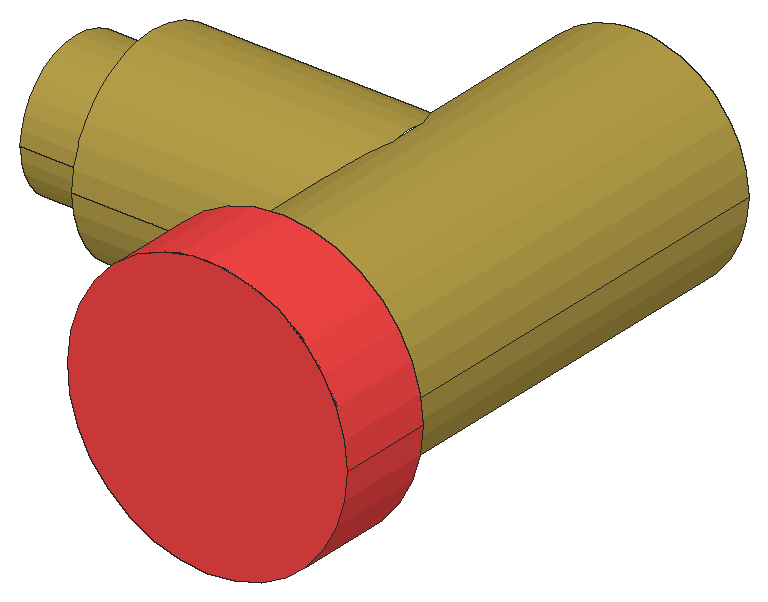
Revit family "Угловой термостатический вентиль «Standart Vario M»", category Арматура трубопроводов, Revit 2020
Family settings
  Размер круглого соединителя = Использовать диаметр
  Тип детали = Клапан - Вставляется
  Номер OmniClass = 23.65.55.14.21
  Заголовок OmniClass = Non-Return Valves for Liquid Services
  На основе рабочей плоскости = Нет
  Всегда вертикально = Нет
  При загрузке вырезать с полостями = Нет
  Общий = Да
Parameters (values of type "Dn15")
  Отметка по умолчанию = 0 mm
  Материал клапана = Латунь
  K Coefficient = 1.58
  Толщина крышки = 0.15 * Длина корпуса  # 12.3 mm
  Высота крышки = 36 mm
  Диаметр крышки = 39 mm
  Длина корпуса = 82 mm
  Диаметр корпуса = 0.6 * Диаметр адаптера  # 10.8 mm
  Длина адаптера = 0.1 * Длина корпуса  # 8.2 mm
  Диаметр адаптера = 1.2 * WSR_D1  # 18 mm
  WSR_D1 = 15 mm
  URL = "https://www.weser.ru/about/documentation/"
  Kvs [instance] = 0.0 m³/h
  ADSK_Позиция = ""
  ADSK_Наименование краткое = "Термостатический вентиль"  # constant formula
  ADSK_Наименование [instance] = "Угловой термостатический вентиль «Standart Vario M»  Dn15"
  ADSK_Масса_Текст = ""
  ADSK_Код изделия [instance] = "820120.100"
  ADSK_Завод-изготовитель [instance] = "Weser"  # constant formula
  ADSK_Единица измерения [instance] = "шт."  # constant formula
  ADSK_Группирование [instance] = ""
Types (2, lengths in mm): name | K Coefficient | Диаметр корпуса | Диаметр адаптера | WSR_D1 | ADSK_Наименование | ADSK_Код изделия
  Dn15 | 1.58 | 10.8 | 18 | 15 | "Угловой термостатический вентиль «Standart Vario M»  Dn15" | "820120.100"
  Dn20 | 1.6 | 14.4 | 24 | 20 | "Угловой термостатический вентиль «Standart Vario M» Dn20" | "820130.100"
Reference planes
  plane 1 "По центру (Вперед/Назад)": y = 0
  plane 2: z = 0
  plane 3 "По центру (Влево/Вправо)": x = 0
  plane 4: x = -41
  plane 5: x = 41
  plane 6: x = -32.8
  plane 7: z = 23.7
  plane 8: z = 36
  plane 9: z = -10.8
  plane 10: z = -16.8
  plane 11: x = -3.6
  plane 12: x = -10.8
  plane 13: y = 23.671
  plane 14: y = -23.671
Forms (mm)
  Extrusion 1, solid, material "Латунь" <- "Материал клапана", detail levels fine
    sketch origin (0, 0, 0) x (0, 1, 0) y (0, 0, 1)
      loop
        circle (0, 0) r 10.8
    from -32.8 to 0
  Extrusion 2, solid, material "Латунь" <- "Материал клапана", detail levels fine
    sketch origin (0, 0, 0) x (1, 0, 0) y (0, 0, 1)
      loop
        circle (0, 0) r 11.951
    from -23.739 to 23.671
  Extrusion 3, solid, material "Латунь" <- "Материал клапана", detail levels fine
    sketch origin (-41, 552.765, 1219.2) x (0, 1, 0) y (0, 0, 1)
      loop
        circle (-552.765, -1219.2) r 7.5
    from 0 to 8.2
  Extrusion 4, solid, material "Пластик Красный", detail levels fine
    sketch origin (-152.652, -23.671, 1219.2) x (-1, 0, 0) y (0, 0, 1)
      loop
        circle (-152.652, -1219.2) r 15
    from 0 to -10
Cuts and joins
  joined: Extrusion 1, Extrusion 2, Extrusion 3
Dimensions and locks
  equal spacing: plane 4, plane 3 "По центру (Влево/Вправо)", plane 5
  "Длина корпуса": plane 4 to plane 5
  "Длина адаптера": plane 4 to plane 6
  "Толщина крышки": plane 8 to plane 7
  "Высота крышки": plane 8 to plane 2
  locked: plane 2 to plane 9 at 10.8
  locked: plane 9 to plane 10 at 6
  locked: plane 3 "По центру (Влево/Вправо)" to plane 11 at 3.6
  locked: plane 3 "По центру (Влево/Вправо)" to plane 12 at 10.8
  locked: plane 13 to plane 1 "По центру (Вперед/Назад)" at 23.671
  locked: plane 1 "По центру (Вперед/Назад)" to plane 14 at 23.671
  locked: Extrusion 1 sketch curve to Extrusion 1 sketch curve (radius 10.8 mm)
  "WSR_D1": diameter of Extrusion 3 sketch curve
  aligned and locked: plane 2 to Extrusion 1 sketch curve
  aligned and locked: plane 1 "По центру (Вперед/Назад)" to Extrusion 1 sketch curve
  aligned and locked: Extrusion 1 to plane 6
  aligned and locked: plane 3 "По центру (Влево/Вправо)" to Extrusion 2 sketch curve
  aligned and locked: cut or joined group of Extrusion 1, Extrusion 2, Extrusion 3 to plane 14
  aligned and locked: plane 6 to Extrusion 3
  aligned and locked: Extrusion 3 to plane 4
  aligned and locked: nested 1 to plane 3 "По центру (Влево/Вправо)"
  aligned and locked: plane 1 "По центру (Вперед/Назад)" to nested 1
Automatic sketch dimensions
  Extrusion 2 sketch curve to level = 0 mm
  Extrusion 3 sketch curve to level = 0 mm
  Extrusion 3 sketch curve to plane 1 "По центру (Вперед/Назад)" = 0 mm
  Extrusion 4 sketch curve to level = 0 mm
  Extrusion 4 sketch curve to plane 3 "По центру (Влево/Вправо)" = 0 mm
  radius of Extrusion 2 sketch curve = 11.951 mm
  radius of Extrusion 4 sketch curve = 15 mm
Nested families
  nested 1: "УГО Клапан регулирующий угловой" at (0, 0, 0), type "УГО Клапан регулирующий проходной"
    with УГО в разрезе no, УГО в плане yes, L1 15.916 mm, L 111.41 mm, H 31.215 mm, D 31.215 mm, ADSK_Позиция "", ADSK_Обозначение "", ADSK_Наименование "", ADSK_Код изделия ""
Connectors
  piping at (-32.8, 0, 0), diameter 15, driven by "WSR_D1"
    settings: on cut or joined group of Extrusion 1, Extrusion 2, Extrusion 3, index 1, connector inside diameter 609.6 mm, connector length 0 mm, flow factor 0, pipe flow 0.0 m³/h, pressure drop 0.0 Pa, fitting loss kfactor 0, connector angle 0.00°, fixture units 0, engagement length 0 mm, angle of deflection 0.00°, flow configuration 0, flow direction 0, fitting loss method 0, system type 29, joint type 0, gender type 0, connector reference index 2, connector utility 0, adjustable connector no, is connector primary yes, connector description ""
  piping at (0, 23.739, 0), diameter 15, driven by "WSR_D1"
    settings: on cut or joined group of Extrusion 1, Extrusion 2, Extrusion 3, index 2, connector inside diameter 609.6 mm, connector length 0 mm, flow factor 0, pipe flow 0.0 m³/h, pressure drop 0.0 Pa, fitting loss kfactor 0, connector angle 90.00°, fixture units 0, engagement length 0 mm, angle of deflection 0.00°, flow configuration 0, flow direction 0, fitting loss method 0, system type 29, joint type 0, gender type 0, connector reference index 1, connector utility 0, adjustable connector no, is connector primary no, connector description ""
  piping at (0, -23.671, 0), diameter 30
    settings: on Extrusion 4, index 3, connector inside diameter 609.6 mm, connector length 0 mm, flow factor 0, pipe flow 0.0 m³/h, pressure drop 0.0 Pa, fitting loss kfactor 0, connector angle 0.00°, fixture units 0, engagement length 0 mm, angle of deflection 0.00°, flow configuration 0, flow direction 0, fitting loss method 0, system type 28, joint type 0, gender type 0, connector reference index -1, connector utility 0, adjustable connector no, is connector primary no, connector description ""
Definition of nested family "УГО Клапан регулирующий угловой"
  Parameters (values of type "УГО Клапан запорно-балансировочный ручной")
    УГО в разрезе [instance] = not(УГО в плане)  # no
    УГО в плане [instance] = yes
    Разработчик (телефон) = ""
    Разработчик (email) = ""
    Разработчик (URL) = ""
    Разработчик = ""
    Default Elevation = 0 mm
    Manufacturer = ""
    L1 [instance] = L / 7  # 14.286 mm
    L [instance] = 100 mm
    H [instance] = D  # 44.634 mm
    D [instance] = 44.634 mm
    ADSK_Позиция [instance] = ""
    ADSK_Обозначение [instance] = ""
    ADSK_Наименование [instance] = ""
    ADSK_Масса = 0
    ADSK_Количество = 1  # constant formula
    ADSK_Код изделия [instance] = ""
    ADSK_Завод-изготовитель = Manufacturer  # ""
    ADSK_Единица измерения = "шт"  # constant formula
    ADSK_URL документации изделия = ""
  Types (3, lengths in mm): name | L1 | L | H | D
    УГО Клапан регулирующий проходной | 3.146 | 22.023 | 44.634 | 44.634
    УГО Клапан запорный | 28.571 | 200 | 100 | 100
    УГО Клапан запорно-балансировочный ручной | 14.286 | 100 | 44.634 | 44.634
  Reference planes
    plane 1 "По центру (Вперед/Назад)": y = 0
    plane 2: z = 0
    plane 3 "По центру (Влево/Вправо)": x = 0
    plane 4: x = -50
    plane 5: x = -7.143
    plane 6: x = 50
    plane 7: x = 7.143
    plane 8: y = 44.634
    plane 9: y = 22.317
    plane 10: y = -22.317
    plane 11: z = 22.317
    plane 12: z = 44.634
    plane 13: z = -22.317
    plane 14: x = -22.317
    plane 15: x = 22.317
    plane 16: y = 50
    plane 17: y = -50
    plane 18: y = -35
    plane 19: x = -35
  Lines and regions (mm)
    symbolic lines, detail levels coarse+medium
      curve 1: line (-35, 22.317, 0) -> (-35, -22.317, 0)
      curve 2: line (-35, -22.317, 0) -> (0, 0, 0)
      curve 3: line (0, 0, 0) -> (-35, 22.317, 0)
      curve 4: line (0, 0, 0) -> (-7.143, 22.317, 0)
      curve 5: line (-7.143, 22.317, 0) -> (7.143, 22.317, 0)
      curve 6: line (7.143, 22.317, 0) -> (0, 0, 0)
      curve 7: line (0, 22.317, 0) -> (0, 44.634, 0)
      curve 8: line (-22.317, -35, 0) -> (22.317, -35, 0)
      curve 9: line (22.317, -35, 0) -> (0, 0, 0)
      curve 10: line (0, 0, 0) -> (-22.317, -35, 0)
  Dimensions and locks
    equal spacing: plane 4, plane 3 "По центру (Влево/Вправо)", plane 6
    "L": plane 4 to plane 6
    equal spacing: plane 5, plane 3 "По центру (Влево/Вправо)", plane 7
    "L1": plane 5 to plane 7
    equal spacing: plane 9, plane 1 "По центру (Вперед/Назад)", plane 10
    "D": plane 9 to plane 10
    "H": plane 8 to plane 1 "По центру (Вперед/Назад)"
    equal spacing: plane 11, level, plane 13
    "D": plane 11 to plane 13
    "H": plane 12 to level
    "D": plane 14 to plane 15
    equal spacing: plane 14, plane 3 "По центру (Влево/Вправо)", plane 15
    "L": plane 16 to plane 17
    equal spacing: plane 16, plane 1 "По центру (Вперед/Назад)", plane 17
    locked: plane 18 to plane 17 at 15
    locked: plane 4 to plane 19 at 15
    aligned and locked: level to plane 2
    aligned and locked: curve 1 to plane 19
    aligned and locked: curve 8 to plane 18
    aligned and locked: plane 19 to curve 2
    aligned and locked: plane 9 to curve 3
  Automatic sketch dimensions
    curve 10 to plane 14 = 0 mm
    curve 4 to plane 5 = 0 mm
    plane 1 "По центру (Вперед/Назад)" to curve 4 = 0 mm
    curve 4 to plane 3 "По центру (Влево/Вправо)" = 0 mm
    curve 7 to plane 3 "По центру (Влево/Вправо)" = 0 mm
    curve 5 to plane 7 = 0 mm
    curve 8 to plane 15 = 0 mm
    plane 10 to curve 2 = 0 mm
    curve 6 to plane 9 = 0 mm
    curve 7 to plane 8 = 0 mm
